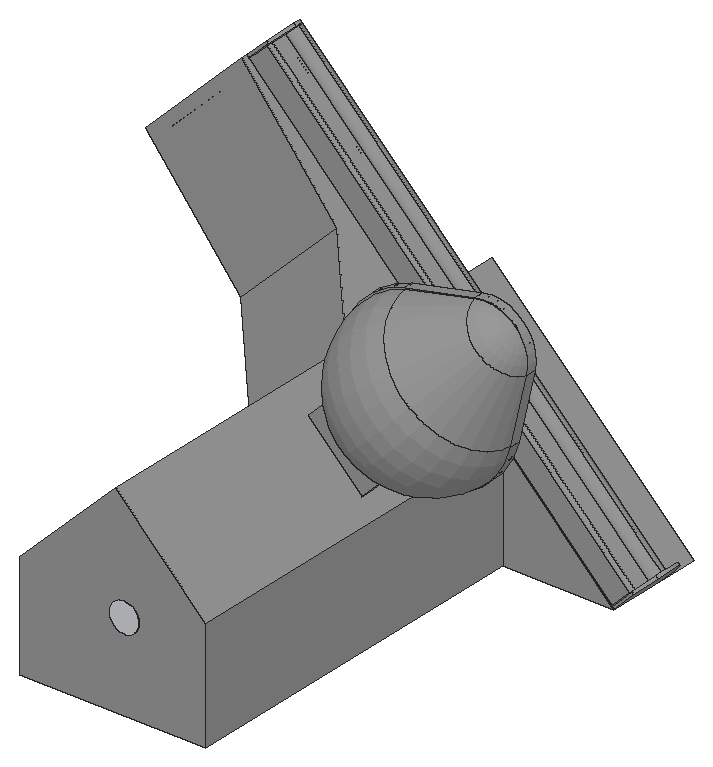
Revit family "Combination-Willoughby-ECF-1545-R-ON", category Plumbing Fixtures, Revit 2015
Parameters (values of type "Standard")
  Waste DIA [instance] = 2 3/8"
  Waste Connection = yes
  W-RAD [instance] = Waste DIA / 2  # 0' - 1 3/16"
  URL = "https://www.willoughby-ind.com/wp-content/uploads/2017/09/1545.pdf"
  Type Comments = ""
  Revision = "A"
  Flush Inlet Connection = yes
  Model = "ECF-1545-R-ON"
  Manufacturer = "Willoughby Industries"
  Lav Waste DIA [instance] = 1 1/2"
  LAV Waste Connection = yes
  L-RAD [instance] = Lav Waste DIA / 2  # 0' - 0 3/4"
  HW Connection = no
  Flush inlet DIA [instance] = 1 1/2"
  Fixture Body = Stainless Steel AISI 304-Willoughby
  F-RAD [instance] = Flush inlet DIA / 2  # 0' - 0 3/4"
  Description = "1545 Right Hand Orientation, Floor toilet waste outlet, On floor mounted"
  Default Elevation = 0' - 0"
  Contact Number = "(800) 428-4065"
  CW Connection = no
Reference planes (in)
  plane 1 "Center (Front/Back)": y = -16.25
  plane 2: z = 0
  plane 3 "Waste CL": x = 0
  plane 4 "Base": y = -16.25
  plane 5 "Seat height": y = 1.75
  plane 6 "Waste Hieght": y = -4.75
  plane 7 "Lwaste ht": y = 8
  plane 8 "flush inlet HT": y = 4.25
  plane 9 "Lav inlet HT": y = 18.25
  plane 10 "Fixture Height": y = 21.75
  plane 11: y = 16.75
  plane 12: y = 16.75
  plane 13: x = -4.43928
  plane 14: x = 0
  plane 15: through (5.56326, 0, 8.31174) normal (0.7071, 0, -0.7071)
  plane 16: through (18.93571, 0, 21.58587) normal (0.7071, 0, -0.7071)
  plane 17: through (11.21677, 0, 22.4617) normal (-0.7071, 0, -0.7071)
  plane 18: through (13.63108, 0, 13.0668) normal (-0.7071, 0, -0.7071)
  plane 19: through (-1.5625, 0, 6.3125) normal (0.7071, 0, 0.7071)
  plane 20: x = 0.375
  plane 21: x = -3.5
  plane 22: x = -6.125
  plane 23: x = 1.375
  plane 24: x = 8.875
Forms (in)
  Extrusion 1, solid, material "Stainless Steel AISI 304-Willoughby" <- "Fixture Body"
    sketch origin (-0.35876, 10.5, 2.01208) x (0.707107, 0, -0.707107) y (0.707107, 0, 0.707107)
      loop
        line (0.89562, 12.45225) -> (0.89562, 16.55468)
        arc (0.89562, 16.55468) -> (4.58467, 20.87266) -> (3.89197, 26.50951) r 7.0486
        line (3.89197, 26.50951) -> (0.82379, 31.40648)
        arc (0.82379, 31.40648) -> (-2.14214, 33.04818) -> (-5.10807, 31.40648) r 3.5
        line (-5.10807, 31.40648) -> (-8.21015, 26.45542)
        arc (-8.21015, 26.45542) -> (-8.91088, 20.86448) -> (-5.26475, 16.56851) r 7
        line (-5.26475, 16.56851) -> (-5.26475, 12.45225) -> (0.89562, 12.45225)
      loop
        line (2.03989, 24.70557) -> (-0.36324, 30.23842)
        arc (-0.36324, 30.23842) -> (-2.20225, 31.45225) -> (-4.04125, 30.23842) r 2
        line (-4.04125, 30.23842) -> (-6.44438, 24.70557)
        arc (-6.44438, 24.70557) -> (-2.20225, 18.23804) -> (2.03989, 24.70557) r 4.625
    from 8.75 to 9.5
  Revolve 2, solid, material "Stainless Steel AISI 304-Willoughby" <- "Fixture Body"
    sketch origin (-0.2524, 1.5, 6.63609) x (0.707107, 0, -0.707107) y (0.707107, 0, 0.707107)
      loop
        arc (1.06174, 12.59906) -> (7.15052, 16.14555) -> (7.06964, 23.19143) r 7
        line (7.06964, 23.19143) -> (4.02767, 28.04656)
        arc (4.02767, 28.04656) -> (2.75672, 29.25045) -> (1.06174, 29.68826) r 3.5
        line (1.06174, 29.68826) -> (1.06174, 29.43826)
        arc (1.06174, 29.43826) -> (2.63527, 29.03194) -> (3.81535, 27.91457) r 3.25
        line (3.81535, 27.91457) -> (6.78077, 23.18447)
        arc (6.78077, 23.18447) -> (6.96784, 16.33096) -> (1.06174, 12.84906) r 6.75
        line (1.06174, 12.84906) -> (1.06174, 12.59906)
      axis (1.06174, 12.59906) -> (1.06174, 29.68826)
    angle from 0 to -180
  Extrusion 3, solid, material "Stainless Steel AISI 304-Willoughby" <- "Fixture Body"
    sketch origin (0, 21.75, -8.22682) x (-1, 0, 0) y (0, 0, -1)
      loop
        line (4.73654, -8.22682) -> (-19.26346, -8.22682) -> (-3, -24.49027) -> (4.73654, -16.75373) -> (4.73654, -8.22682)
    from 0 to 8
  Extrusion 4, solid, material "Stainless Steel AISI 304-Willoughby" <- "Fixture Body"
    sketch origin (14.57379, 17.75, 0.37065) x (-1, 0, 0) y (0, 0, -1)
      loop
        line (32.74536, -21.59129) -> (19.31033, -8.15626) -> (11.57379, -15.89281) -> (25.00882, -29.32784) -> (32.74536, -21.59129)
      loop
        line (25.58474, -27.52195) -> (30.93947, -22.16721)
        arc (30.93947, -22.16721) -> (31.23237, -21.4601) -> (30.93947, -20.753) r 1
        line (30.93947, -20.753) -> (20.94786, -10.76138)
        arc (20.94786, -10.76138) -> (20.24075, -10.46849) -> (19.53364, -10.76138) r 1
        line (19.53364, -10.76138) -> (14.1789, -16.11612)
        arc (14.1789, -16.11612) -> (13.88601, -16.82322) -> (14.1789, -17.53033) r 1
        line (14.1789, -17.53033) -> (24.17052, -27.52195)
        arc (24.17052, -27.52195) -> (24.87763, -27.81484) -> (25.58474, -27.52195) r 1
    from 0 to 4
  Extrusion 5, solid, material "Stainless Steel AISI 304-Willoughby" <- "Fixture Body"
    sketch origin (0, 15.25, 5.38846) x (-1, 0, 0) y (0, 0, -1)
      loop
        line (4.73654, 5.38846) -> (-10.26346, 5.38846) -> (-10.26346, -3.61154) -> (-3, -10.875) -> (4.73654, -3.13846) -> (4.73654, 5.38846)
    from 1.5 to 31.5
  Extrusion 6, solid, material "Stainless Steel AISI 304-Willoughby" <- "Fixture Body"
    sketch origin (12.34107, 46.33187, 6.92239) x (0, 1, 0) y (0.707107, 0, -0.707107)
      loop
        line (-32.58187, -13.21026) -> (-39.39437, -13.21026) -> (-34.30788, -19.96026) -> (-33.08187, -32.21026) -> (-32.58187, -32.21026) -> (-32.58187, -13.21026)
    from 0 to 10.94113
  Extrusion 7, solid, material "Stainless Steel AISI 304-Willoughby" <- "Fixture Body"
    sketch origin (13.99364, -34.07743, -5.26884) x (0, 1, 0) y (-0.707107, 0, -0.707107)
      loop
        line (47.82743, -7.45195) -> (47.82743, -9.70195) -> (49.09543, -10.96995)
        arc (49.09543, -10.96995) -> (50.92221, -11.25341) -> (51.92743, -9.70195) r 1.69987
        line (51.92743, -9.70195) -> (51.92743, -7.45195) -> (47.82743, -7.45195)
    from 0 to 0.25
  Extrusion 8, solid, material "Stainless Steel AISI 304-Willoughby" <- "Fixture Body"
    sketch origin (-27.44804, 0.5, 12.33192) x (0, 1, 0) y (-0.707107, 0, -0.707107)
      loop
        line (15.39313, -24.31003) -> (13.28013, -24.31003) -> (13.28013, -26.57803) -> (15.41821, -27.27327)
        arc (15.41821, -27.27327) -> (16.28244, -26.96338) -> (16.19913, -26.04905) r 0.75
        arc (16.19913, -26.04905) -> (15.60443, -25.26839) -> (15.39313, -24.31003) r 2.27905
    from 0 to 0.25
  Sweep 9, solid, material "Stainless Steel AISI 304-Willoughby" <- "Fixture Body"
    path origin (0, 15.25813, 5.38846) x (-1, 0, 0) y (0, 0, -1)
      loop
        line (8.66726, -25.72424) -> (-20.67718, 3.6202)
    profile origin (6.00496, 15.25813, 16.44048) x (0.707107, 0, 0.707107) y (0, -1, 0)
      loop
        circle (0, -0.892) r 0.75
  Revolve 10, solid, material "Stainless Steel AISI 304-Willoughby" <- "Fixture Body"
    sketch origin (0, 4.25, 0) x (-1, 0, 0) y (0, 0, 1)
      loop
        line (2.11154, 0) -> (2.86154, 0) -> (2.86154, 1) -> (2.11154, 1) -> (2.11154, 0)
      axis (2.11154, 1) -> (2.11154, 0)
    angle from 0 to 360
  Revolve 11, solid, material "Stainless Steel AISI 304-Willoughby" <- "Fixture Body"
    sketch origin (0, 8, 0) x (-1, 0, 0) y (0, 0, 1)
      loop
        line (-2.76346, -3) -> (-2.01346, -3) -> (-2.01346, 1) -> (-2.76346, 1) -> (-2.76346, -3)
      axis (-2.76346, 1) -> (-2.76346, -3)
    angle from 0 to 360
  Extrusion 12, solid
    sketch origin (1.32583, -16.25, -1.32583) x (0, 0, -1) y (-1, 0, 0)
      loop
        circle (-8.4375, -2.34105) r 1.1875
    from 0 to 3
  Extrusion 13, solid, material "Stainless Steel AISI 304-Willoughby" <- "Fixture Body"
    sketch origin (-27.76071, 0.5, 11.6657) x (0, 1, 0) y (-0.707107, 0, -0.707107)
      loop
        line (13.26824, -25.00221) -> (13.26824, -27.06821)
        arc (13.26824, -27.06821) -> (13.3397, -27.24075) -> (13.51224, -27.31221) r 0.244
        line (13.51224, -27.31221) -> (14.88724, -27.31221) -> (14.88724, -27.19321) -> (13.51224, -27.19321)
        arc (13.51224, -27.19321) -> (13.42385, -27.1566) -> (13.38724, -27.06821) r 0.125
        line (13.38724, -27.06821) -> (13.38724, -25.00221) -> (13.26824, -25.00221)
    from -41.24931 to 0.25
Cuts and joins
  joined: Extrusion 3, Extrusion 4, Extrusion 5, Extrusion 6
Lines and regions (in)
  symbolic lines
    curve 1: line (0, -16.25, 0) -> (0, -16.25, 10.875)
    curve 2: line (0, -16.25, 10.875) -> (0, -9.77082, 10.875)
    curve 3: line (0, -9.77082, 7.42785) -> (0, -9.77082, 14.55072)
    curve 4: arc (0, -9.77082, 14.55072) -> (0, -9.63092, 15.12832) -> (0, -9.34027, 15.64669) r 2.18047
    curve 5: arc (0, -9.34027, 15.64669) -> (0, -8.16612, 16.62247) -> (0, -6.71641, 17.10112) r 4.10062
    curve 6: arc (0, -6.71641, 17.10112) -> (0, -6.25895, 17.17115) -> (0, -5.79693, 17.19776) r 4.90539
    curve 7: line (0, -5.79693, 17.19776) -> (0, -5.34908, 17.19776)
    curve 8: line (0, -9.77082, 7.42785) -> (0, 1, 7.42785)
    curve 9: line (0, 1, 7.42785) -> (0, 1, 6.12122)
    curve 10: line (0, 1, 6.12122) -> (0, 1.75, 6.12122)
    curve 11: line (0, 1.75, 6.12122) -> (0, 1.75, 23.85789)
    curve 12: line (0, 1.75, 23.85789) -> (0, 1, 23.85789)
    curve 13: line (0, 1, 23.85789) -> (0, 1, 23.81298)
    curve 14: arc (0, 1, 23.81298) -> (0, 0.24523, 23.62415) -> (0, -0.44203, 23.25943) r 3.213
    curve 15: line (0, -3.65124, 20.43726) -> (0, -0.44203, 23.25943)
    curve 16: arc (0, -3.65124, 20.43726) -> (0, -4.49136, 19.29804) -> (0, -5.10282, 18.02143) r 7.51089
    curve 17: arc (0, -5.10282, 18.02143) -> (0, -5.32358, 17.30352) -> (0, -5.4657, 16.56599) r 6.96004
    curve 18: arc (0, -5.4657, 16.56599) -> (0, -5.44608, 14.67073) -> (0, -4.87907, 12.86216) r 6.48196
    curve 19: arc (0, -4.87907, 12.86216) -> (0, -2.47541, 10.03856) -> (0, 1, 8.74559) r 7.35882
    curve 20: line (0, 1.75, 10.875) -> (0, 17.75, 10.875)
    curve 21: line (0, 6.9375, 10.875) -> (0, 12.02399, 15.64797)
    curve 22: line (0, 12.02399, 15.64797) -> (0, 13.25, 24.31003)
    curve 23: line (0, 13.25, 24.31003) -> (0, 14.75, 24.31003)
    curve 24: line (0, 14.75, 24.31003) -> (0, 16.08298, 26.14349)
    curve 25: arc (0, 16.08298, 26.14349) -> (0, 16.84422, 26.47073) -> (0, 17.49557, 25.95855) r 0.81101
    curve 26: line (0, 17.49557, 25.95855) -> (0, 17.75, 24.31003)
    curve 27: line (0, 17.75, 24.31003) -> (0, 17.75, 10.875)
    curve 28: line (0, 17.75, 10.875) -> (0, 21.75, 10.875)
    curve 29: line (0, 21.75, 10.875) -> (0, 21.75, 0)
    curve 30: line (0, 21.75, 0) -> (0, -16.25, 0)
    curve 31: line (-6.125, -16.25, 0) -> (8.875, -16.25, 0)
    curve 32: line (8.875, -16.25, 0) -> (8.875, -9.77082, 0)
    curve 33: line (8.875, -9.77082, 0) -> (4.67938, -9.77082, 0)
    curve 34: line (4.67938, -9.77082, 0) -> (4.67938, 1, 0)
    curve 35: line (4.67938, 1, 0) -> (3.39775, 1, 0)
    curve 36: line (3.39775, 1, 0) -> (3.39775, 1.75, 0)
    curve 37: line (3.39775, 1.75, 0) -> (21.19441, 1.75, 0)
    curve 38: line (21.19441, 1.75, 0) -> (21.15511, 1, 0)
    curve 39: arc (21.15511, 1, 0) -> (20.95055, 0.24585, 0) -> (20.59794, -0.45146, 0) r 3.84994
    curve 40: line (20.59794, -0.45146, 0) -> (18.38285, -2.99963, 0)
    curve 41: arc (18.38285, -2.99963, 0) -> (17.86342, -3.56386, 0) -> (17.28141, -4.06329, 0) r 6.5291
    curve 42: arc (17.28141, -4.06329, 0) -> (15.92752, -4.87211, 0) -> (14.4279, -5.36027, 0) r 7.06139
    curve 43: arc (14.4279, -5.36027, 0) -> (13.54813, -5.48094, 0) -> (12.66013, -5.48389, 0) r 6.68208
    curve 44: arc (12.66013, -5.48389, 0) -> (10.67273, -5.07519, 0) -> (8.875, -4.13447, 0) r 7.28874
    curve 45: arc (8.875, -4.13447, 0) -> (7.41489, -2.70905, 0) -> (6.44715, -0.9126, 0) r 6.75389
    curve 46: arc (6.44715, -0.9126, 0) -> (6.18017, 0.03016, 0) -> (6.04061, 1, 0) r 7.37011
    curve 47: line (14.4279, -5.36027, 0) -> (14.4279, -5.77082, 0)
    curve 48: arc (14.4279, -5.77082, 0) -> (14.2915, -6.96797, 0) -> (13.88929, -8.10376, 0) r 5.32184
    curve 49: arc (13.88929, -8.10376, 0) -> (13.02601, -9.24289, 0) -> (11.69305, -9.75875, 0) r 2.61768
    curve 50: line (11.69305, -9.75875, 0) -> (8.87748, -9.75875, 0)
    curve 51: arc (10.07132, -9.75875, 0) -> (10.92795, -9.45203, 0) -> (11.62189, -8.86353, 0) r 2.5444
    curve 52: arc (11.62189, -8.86353, 0) -> (12.41175, -7.45024, 0) -> (12.65944, -5.85026, 0) r 4.57133
    curve 53: line (12.65944, -5.85026, 0) -> (12.65944, -5.49235, 0)
    curve 54: line (8.875, 1.75, 0) -> (8.875, 15.25, 0)
    curve 55: line (8.875, 15.25, 0) -> (15.375, 15.25, 0)
    curve 56: arc (15.375, 15.25, 0) -> (16.875, 16.75, 0) -> (15.375, 18.25, 0) r 1.5
    curve 57: line (15.375, 18.25, 0) -> (13.875, 18.25, 0)
    curve 58: line (13.875, 18.25, 0) -> (13.875, 21.75, 0)
    curve 59: line (13.875, 21.75, 0) -> (-6.125, 21.75, 0)
    curve 60: line (-6.125, 21.75, 0) -> (-6.125, 17.75, 0)
    curve 61: line (-6.125, 17.75, 0) -> (-18.92031, 17.75, 0)
    curve 62: line (-18.92031, 17.75, 0) -> (-18.92031, 13.25, 0)
    curve 63: line (-18.92031, 13.25, 0) -> (-10.25825, 12.02399, 0)
    curve 64: line (-10.25825, 12.02399, 0) -> (-6.125, 7.61924, 0)
    curve 65: line (-6.125, 7.61924, 0) -> (-6.125, -16.25, 0)
  reference lines
    curve 66: line (-8.31371, -16.25, 30.67437) -> (21.38478, -16.25, 0.97588)
Dimensions and locks (in)
  locked: plane 5 "Seat height" to plane 4 "Base" at 18
  plane 6 "Waste Hieght" to plane 4 "Base" = 0' - 11 1/2"
  plane 7 "Lwaste ht" to plane 4 "Base" = 2' - 0 1/4"
  plane 8 "flush inlet HT" to plane 4 "Base" = 1' - 8 1/2"
  locked: Extrusion 1 to Extrusion 1 at 0.75
  plane 21 to plane 20 = 0' - 3 7/8"
  cut or joined group of Extrusion 3, Extrusion 4, Extrusion 5, Extrusion 6 to plane 21 = 0' - 1.23654"  (x2)
  cut or joined group of Extrusion 3, Extrusion 4, Extrusion 5, Extrusion 6 to plane 20 = 0' - 5.11154"  (x2)
  plane 22 to plane 23 = 0' - 7 1/2"
  locked: cut or joined group of Extrusion 3, Extrusion 4, Extrusion 5, Extrusion 6 to plane 4 "Base" at 34
  locked: plane 10 "Fixture Height" to plane 4 "Base" at 38
  locked: plane 1 "Center (Front/Back)" to Extrusion 1 at 18
  plane 22 to cut or joined group of Extrusion 3, Extrusion 4, Extrusion 5, Extrusion 6 = 1' - 4.38846"
  cut or joined group of Extrusion 3, Extrusion 4, Extrusion 5, Extrusion 6 to plane 22 = 1' - 4.38846"
  plane 24 to plane 22 = 1' - 3"
  plane 22 to cut or joined group of Extrusion 3, Extrusion 4, Extrusion 5, Extrusion 6 = 2' - 1.38846"
  Revolve 10 sketch curve to Revolve 10 sketch curve = 0' - 1"
  Revolve 11 sketch curve to Revolve 11 sketch curve = 0' - 1"
  aligned: plane 18 to Revolve 2
  aligned: plane 16 to plane 15
  aligned: plane 18 to plane 17
  aligned and locked: Extrusion 13 to Extrusion 7
  aligned and locked: Extrusion 13 to Extrusion 8
  aligned and locked: Extrusion 3 to Extrusion 5
  aligned and locked: Extrusion 4 to Extrusion 6
  aligned and locked: Extrusion 5 to Extrusion 3
Connectors (in)
  piping at (2.76346, 8, -3), diameter 1.5, driven by "L-RAD", driven by "LAV Waste Connection"
    settings: on Revolve 11, index 7, connector inside diameter 24", connector length 0' - 0", flow factor 0, pipe flow 0 GPM, pressure drop 0.00 psi, fitting loss kfactor 0, connector angle 0.00°, fixture units 0, engagement length 0' - 0", angle of deflection 0.00°, flow configuration 0, flow direction 0, fitting loss method 0, system type 7, joint type 0, gender type 0, connector reference index -1, connector utility 1, adjustable connector no, is connector primary yes, connector description "Sink Waste"
  piping at (-2.11154, 4.25, 0), diameter 1.5, driven by "F-RAD", driven by "Flush Inlet Connection"
    settings: on Revolve 10, index 8, connector inside diameter 24", connector length 0' - 0", flow factor 0, pipe flow 0 GPM, pressure drop 0.00 psi, fitting loss kfactor 0, connector angle 0.00°, fixture units 0, engagement length 0' - 0", angle of deflection 0.00°, flow configuration 0, flow direction 0, fitting loss method 0, system type 7, joint type 0, gender type 0, connector reference index -1, connector utility 1, adjustable connector no, is connector primary no, connector description "Flush Inlet"
  piping at (3.66688, -16.25, 7.11167), diameter 2.375, driven by "W-RAD"
    settings: on Extrusion 12, index 9, connector inside diameter 24", connector length 0' - 0", flow factor 0, pipe flow 1.6 GPM, pressure drop 0.00 psi, fitting loss kfactor 0, connector angle 0.00°, fixture units 0, engagement length 0' - 0", angle of deflection 0.00°, flow configuration 0, flow direction 0, fitting loss method 0, system type 7, joint type 0, gender type 0, connector reference index -1, connector utility 0, adjustable connector no, is connector primary no, connector description ""
